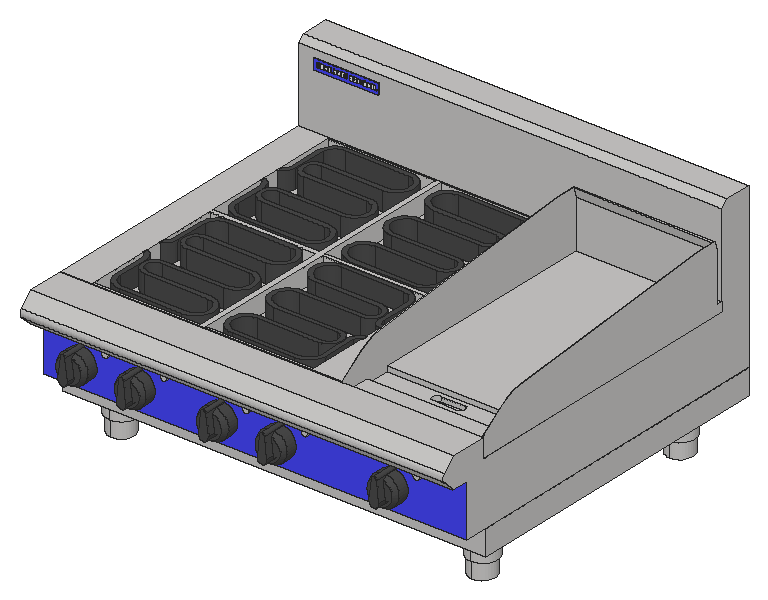
Revit family "QF_MOFFAT_BLUESEAL_CE_E516C-B", category Specialty Equipment, Revit 2012
Parameters
  Width [instance] = 900.0 mm  # constant formula
  Weight in Pounds = 198  # constant formula
  Watts = 13000 W
  Volts = 400 V
  URL Cutsheet = "www.moffat.com"
  URL = "www.moffat.com"
  Type Mark [instance] = ""
  Status [instance] = ""
  Specification by User [instance] = ""
  Specification by Manufacturer = ""
  Show Logo [instance] = yes
  Serial Number = ""
  Seismic Rating = ""
  SMACNA No = ""
  Revision Code [instance] = ""
  Phase = 3
  Omniclass Number and Title = ""
  Number of Poles = 1
  NAFEM Spec ID Number = ""
  Model = "E516C-B"
  Min Ckt Ampacity = 0 A
  Max Overcurrent Protection = 0 A
  Masterspec = ""
  Manufacturer = "MOFFAT BLUESEAL"
  Item Number [instance] = ""
  Installed By [instance] = ""
  Identify Quantity as Lot [instance] = yes
  Height [instance] = 370.0 mm  # constant formula
  HP = ""
  Furnished By [instance] = ""
  Foodservice Equipment Identifier [instance] = yes
  FL Amps = 20 A
  Electrical Remarks = "20A PER PHASE"
  Elec Conn RI Height = 0.0 mm
  Elec Conn Connection Height = 0.0 mm
  Description = "900MM ELECTRIC COOK TOP BENCH MOUNT"
  Depth [instance] = 812.0 mm  # constant formula
  Cycle = 50 Hz
  Conn Plug = ""
  Conn Conduit = yes
  CSI MasterFormat = ""
  CSI Master Format = ""
  Base Height [instance] = 85.0 mm
  Apparent Power = if(Phase = 3, Volts * FL Amps * 1.73, Volts * FL Amps)  # 13840 VA
Reference planes
  plane 1 "BACK": y = 0
  plane 2: z = 0
  plane 3 "LEFT": x = 0
  plane 4 "RIGHT": x = 900
  plane 5 "FRONT": y = -812
  plane 6 "TOP": z = 375
  plane 7 "Center Y": x = 450
  plane 8 "Center X": y = -406
  plane 9 "Base Height": z = 85
  plane 10: z = 485
  plane 11: y = -100
  plane 12: y = -625
  plane 13: x = 834.5
  plane 14: x = 65.5
Forms (mm)
  Extrusion 1, solid, material "QF_Finishes_Stainless Steel"
    sketch origin (0, 0, 0) x (0, 1, 0) y (0, 0, 1)
      loop
        line (0, 140) -> (0, 485) -> (-57.5, 485) -> (-70, 472.5) -> (-70, 275) -> (-705, 275) -> (-705, 315) -> (-783.97, 315) -> (-808.485, 290.485)
        arc (-808.485, 290.485) -> (-811.999, 282) -> (-808.485, 273.515) r 12
        line (-808.485, 273.515) -> (-784.97, 250) -> (-749, 250) -> (-749, 140) -> (0, 140)
      loop
        line (0, 85) -> (0, 139.206) -> (-699, 139.206) -> (-699, 85) -> (0, 85)
    from 0 to 900
  Revolve 2, solid, material "QF_Finishes_Stainless Steel"
    sketch origin (65.5, -210, 0) x (0, 1, 0) y (0, 0, 1)
      loop
        line (78.25, 85) -> (78.25, 35) -> (82.5, 35) -> (82.5, 0) -> (110, 0) -> (110, 85) -> (78.25, 85)
      axis (110, 85) -> (110, 0)
    angle from 0 to 360
  Extrusion 3, void
    sketch origin (0, -706, 139.206) x (0, 1, 0) y (-1, 0, 0)
      loop
        circle (674, -770) r 13.5
    from 0 to -86.704
  Revolve 4, solid, material "QF_Finishes_Black"
    sketch origin (87.5, 7, -6.7) x (0, 1, 0) y (0, 0, -1)
      loop
        line (-789, -234.5) -> (-766, -234.5) -> (-766, -207) -> (-756, -207) -> (-756, -202) -> (-800, -202) -> (-800, -228.651) -> (-789, -234.5)
      axis (-800, -202) -> (-756, -202)
    angle from 0 to 360
  Extrusion 5, solid, material "QF_Finishes_Black"
    sketch origin (225.77, 0, -6.542) x (-1, 0, 0) y (0, 0, -1)
      loop
        line (143.268, -233.955) -> (148.757, -189.87)
        arc (148.757, -189.87) -> (137.685, -179.371) -> (127.85, -191.037) r 10.487
        line (127.85, -191.037) -> (133.271, -233.955)
        arc (133.271, -233.955) -> (138.27, -238.842) -> (143.268, -233.955) r 5
    from 759 to 808
  Revolve 6, solid, material "QF_Finishes_Stainless Steel"
    sketch origin (65.5, -728, 0) x (0, 1, 0) y (0, 0, 1)
      loop
        line (71.25, 85) -> (71.25, 35) -> (75.5, 35) -> (75.5, 0) -> (103, 0) -> (103, 85) -> (71.25, 85)
      axis (103, 85) -> (103, 0)
    angle from 0 to 360
  Extrusion 7, solid, material "QF_Finishes_Stainless Steel"
    sketch origin (0, -706, 139.206) x (0, 1, 0) y (-1, 0, 0)
      loop
        circle (675, -769.75) r 6.35
    from 0 to -24.206
  Extrusion 8, solid, material "QF_Finishes_Stainless Steel"
    sketch origin (0, -749, 250) x (0, 0, -1) y (1, 0, 0)
      loop
        circle (24.7, 132.5) r 7.15
      loop
        circle (24.7, 257.5) r 7.15
      loop
        circle (24.7, 432.5) r 7.15
      loop
        circle (24.7, 557.5) r 7.15
      loop
        circle (24.7, 795.734) r 7.15
    from 0 to 3.2
  Revolve 9, solid, material "QF_Finishes_Stainless Steel"
    sketch origin (834.5, -210, 0) x (0, 1, 0) y (0, 0, -1)
      loop
        line (78.25, -85) -> (110, -85) -> (110, 0) -> (82.5, 0) -> (82.5, -35) -> (78.25, -35) -> (78.25, -85)
      axis (110, -85) -> (110, 0)
    angle from 0 to 360
  Revolve 10, solid, material "QF_Finishes_Stainless Steel"
    sketch origin (834.5, -728, 0) x (0, 1, 0) y (0, 0, -1)
      loop
        line (71.25, -85) -> (103, -85) -> (103, 0) -> (75.5, 0) -> (75.5, -35) -> (71.25, -35) -> (71.25, -85)
      axis (103, -85) -> (103, 0)
    angle from 0 to 360
  Revolve 11, solid, material "QF_Finishes_Black"
    sketch origin (211.766, 7, -6.7) x (0, 1, 0) y (0, 0, -1)
      loop
        line (-789, -234.5) -> (-766, -234.5) -> (-766, -207) -> (-756, -207) -> (-756, -202) -> (-800, -202) -> (-800, -228.651) -> (-789, -234.5)
      axis (-800, -202) -> (-756, -202)
    angle from 0 to 360
  Extrusion 12, solid, material "QF_Finishes_Black"
    sketch origin (350.035, 0, -6.542) x (-1, 0, 0) y (0, 0, -1)
      loop
        line (143.268, -233.955) -> (148.757, -189.87)
        arc (148.757, -189.87) -> (137.685, -179.371) -> (127.85, -191.037) r 10.487
        line (127.85, -191.037) -> (133.271, -233.955)
        arc (133.271, -233.955) -> (138.27, -238.842) -> (143.268, -233.955) r 5
    from 759 to 808
  Revolve 13, solid, material "QF_Finishes_Black"
    sketch origin (386.766, 7, -6.7) x (0, 1, 0) y (0, 0, -1)
      loop
        line (-789, -234.5) -> (-766, -234.5) -> (-766, -207) -> (-756, -207) -> (-756, -202) -> (-800, -202) -> (-800, -228.651) -> (-789, -234.5)
      axis (-800, -202) -> (-756, -202)
    angle from 0 to 360
  Revolve 14, solid, material "QF_Finishes_Black"
    sketch origin (511.766, 7, -6.7) x (0, 1, 0) y (0, 0, -1)
      loop
        line (-789, -234.5) -> (-766, -234.5) -> (-766, -207) -> (-756, -207) -> (-756, -202) -> (-800, -202) -> (-800, -228.651) -> (-789, -234.5)
      axis (-800, -202) -> (-756, -202)
    angle from 0 to 360
  Revolve 15, solid, material "QF_Finishes_Black"
    sketch origin (750, 7, -6.7) x (0, 1, 0) y (0, 0, -1)
      loop
        line (-789, -234.5) -> (-766, -234.5) -> (-766, -207) -> (-756, -207) -> (-756, -202) -> (-800, -202) -> (-800, -228.651) -> (-789, -234.5)
      axis (-800, -202) -> (-756, -202)
    angle from 0 to 360
  Extrusion 16, solid, material "QF_Finishes_Black"
    sketch origin (525.035, 0, -6.542) x (-1, 0, 0) y (0, 0, -1)
      loop
        line (143.268, -233.955) -> (148.757, -189.87)
        arc (148.757, -189.87) -> (137.685, -179.371) -> (127.85, -191.037) r 10.487
        line (127.85, -191.037) -> (133.271, -233.955)
        arc (133.271, -233.955) -> (138.27, -238.842) -> (143.268, -233.955) r 5
    from 759 to 808
  Extrusion 17, solid, material "QF_Finishes_Black"
    sketch origin (650.035, 0, -6.542) x (-1, 0, 0) y (0, 0, -1)
      loop
        line (143.268, -233.955) -> (148.757, -189.87)
        arc (148.757, -189.87) -> (137.685, -179.371) -> (127.85, -191.037) r 10.487
        line (127.85, -191.037) -> (133.271, -233.955)
        arc (133.271, -233.955) -> (138.27, -238.842) -> (143.268, -233.955) r 5
    from 759 to 808
  Extrusion 18, solid, material "QF_Finishes_Black"
    sketch origin (888.27, 0, -6.542) x (-1, 0, 0) y (0, 0, -1)
      loop
        line (143.268, -233.955) -> (148.757, -189.87)
        arc (148.757, -189.87) -> (137.685, -179.371) -> (127.85, -191.037) r 10.487
        line (127.85, -191.037) -> (133.271, -233.955)
        arc (133.271, -233.955) -> (138.27, -238.842) -> (143.268, -233.955) r 5
    from 759 to 808
Cuts and joins
  joined: Revolve 4, Extrusion 5
  Extrusion 3 cuts Extrusion 1
Lines and regions (mm)
  Split face 1
    outline origin (900, 0, 485) x (-1, 0, 0) y (0, -1, 0)
      loop
        arc (856, 18.385) -> (864.66, 23.385) -> (864.66, 33.385) r 10
        line (864.66, 33.385) -> (860.619, 40.385)
        arc (860.619, 40.385) -> (856.959, 44.045) -> (851.959, 45.385) r 10
        line (851.959, 45.385) -> (624, 45.385)
        arc (624, 45.385) -> (615.34, 40.385) -> (615.34, 30.385) r 10
        line (615.34, 30.385) -> (619.381, 23.385)
        arc (619.381, 23.385) -> (623.041, 19.725) -> (628.041, 18.385) r 10
        line (628.041, 18.385) -> (856, 18.385)
  Split face 2
    outline origin (900, 0, 485) x (-1, 0, 0) y (0, -1, 0)
      loop
        arc (276, 18.385) -> (284.66, 23.385) -> (284.66, 33.385) r 10
        line (284.66, 33.385) -> (280.619, 40.385)
        arc (280.619, 40.385) -> (276.959, 44.045) -> (271.959, 45.385) r 10
        line (271.959, 45.385) -> (44, 45.385)
        arc (44, 45.385) -> (35.34, 40.385) -> (35.34, 30.385) r 10
        line (35.34, 30.385) -> (39.381, 23.385)
        arc (39.381, 23.385) -> (43.041, 19.725) -> (48.041, 18.385) r 10
        line (48.041, 18.385) -> (276, 18.385)
  Split face 3
    outline origin (900, 0, 485) x (-1, 0, 0) y (0, -1, 0)
      loop
        arc (566, 18.385) -> (574.66, 23.385) -> (574.66, 33.385) r 10
        line (574.66, 33.385) -> (570.619, 40.385)
        arc (570.619, 40.385) -> (566.959, 44.045) -> (561.959, 45.385) r 10
        line (561.959, 45.385) -> (334, 45.385)
        arc (334, 45.385) -> (325.34, 40.385) -> (325.34, 30.385) r 10
        line (325.34, 30.385) -> (329.381, 23.385)
        arc (329.381, 23.385) -> (333.041, 19.725) -> (338.041, 18.385) r 10
        line (338.041, 18.385) -> (566, 18.385)
  symbolic lines
    curve 1: line (0, -812, 0) -> (900, -812, 0)
    curve 2: line (0, 0, 0) -> (0, -812, 0)
    curve 3: line (900, 0, 0) -> (0, 0, 0)
    curve 4: line (900, -812, 0) -> (900, 0, 0)
    curve 5: line (0, -57.5, 0) -> (900, -57.5, 0)
    curve 6: line (0, -70, 0) -> (900, -70, 0)
    curve 7: line (0, -783.97, 0) -> (900, -783.97, 0)
    curve 8: line (0, -705, 0) -> (900, -705, 0)
    curve 9: line (271.959, -18.385, 0) -> (44, -18.385, 0)
    curve 10: arc (44, -18.385, 0) -> (35.34, -23.385, 0) -> (35.34, -33.385, 0) r 10
    curve 11: line (35.34, -33.385, 0) -> (39.381, -40.385, 0)
    curve 12: arc (39.381, -40.385, 0) -> (43.041, -44.045, 0) -> (48.041, -45.385, 0) r 10
    curve 13: line (48.041, -45.385, 0) -> (276, -45.385, 0)
    curve 14: arc (276, -45.385, 0) -> (284.66, -40.385, 0) -> (284.66, -30.385, 0) r 10
    curve 15: line (284.66, -30.385, 0) -> (280.619, -23.385, 0)
    curve 16: arc (280.619, -23.385, 0) -> (276.959, -19.725, 0) -> (271.959, -18.385, 0) r 10
    curve 17: line (334, -18.385, 0) -> (561.959, -18.385, 0)
    curve 18: arc (561.959, -18.385, 0) -> (566.959, -19.725, 0) -> (570.619, -23.385, 0) r 10
    curve 19: line (570.619, -23.385, 0) -> (574.66, -30.385, 0)
    curve 20: arc (574.66, -30.385, 0) -> (574.66, -40.385, 0) -> (566, -45.385, 0) r 10
    curve 21: line (566, -45.385, 0) -> (338.041, -45.385, 0)
    curve 22: arc (338.041, -45.385, 0) -> (333.041, -44.045, 0) -> (329.381, -40.385, 0) r 10
    curve 23: line (329.381, -40.385, 0) -> (325.34, -33.385, 0)
    curve 24: arc (325.34, -33.385, 0) -> (325.34, -23.385, 0) -> (334, -18.385, 0) r 10
    curve 25: line (624, -18.385, 0) -> (851.959, -18.385, 0)
    curve 26: arc (851.959, -18.385, 0) -> (856.959, -19.725, 0) -> (860.619, -23.385, 0) r 10
    curve 27: line (860.619, -23.385, 0) -> (864.66, -30.385, 0)
    curve 28: arc (864.66, -30.385, 0) -> (864.66, -40.385, 0) -> (856, -45.385, 0) r 10
    curve 29: line (856, -45.385, 0) -> (628.041, -45.385, 0)
    curve 30: arc (628.041, -45.385, 0) -> (623.041, -44.045, 0) -> (619.381, -40.385, 0) r 10
    curve 31: line (619.381, -40.385, 0) -> (615.34, -33.385, 0)
    curve 32: arc (615.34, -33.385, 0) -> (615.34, -23.385, 0) -> (624, -18.385, 0) r 10
Dimensions and locks
  equal spacing: plane 3 "LEFT", plane 7 "Center Y", plane 4 "RIGHT"
  "Width": plane 3 "LEFT" to plane 4 "RIGHT"
  equal spacing: plane 5 "FRONT", plane 8 "Center X", plane 1 "BACK"
  "Depth": plane 5 "FRONT" to plane 1 "BACK"
  "Base Height": plane 9 "Base Height" to level
  locked: plane 6 "TOP" to plane 9 "Base Height" at 290
  plane 6 "TOP" to level = 375.0 mm
  locked: plane 10 to plane 2 at 485
  Extrusion 7 sketch curve to plane 1 "BACK" = 31.0 mm
  cut or joined group of Extrusion 1, Extrusion 3 to plane 2 = 315.0 mm
  aligned and locked: level to plane 2
  aligned and locked: Revolve 2 sketch curve to plane 9 "Base Height"
  aligned and locked: cut or joined group of Extrusion 1, Extrusion 3 to plane 4 "RIGHT"
Automatic sketch dimensions
  curve 1 to plane 3 "LEFT" = 0.0 mm
  curve 4 to plane 4 "RIGHT" = 0.0 mm
  plane 5 "FRONT" to curve 1 = 0.0 mm
  plane 1 "BACK" to curve 3 = 0.0 mm
  curve 11 to plane 14 = 30.16 mm
  curve 11 to curve 12 = 4.041 mm
  curve 10 to curve 9 = 8.66 mm
  curve 11 to curve 12 = 8.66 mm
  plane 1 "BACK" to curve 16 = 28.385 mm
  curve 16 to plane 7 "Center Y" = 178.041 mm
  curve 16 to curve 14 = 4.041 mm  (x2)
  plane 1 "BACK" to curve 15 = 23.385 mm
  curve 9 to curve 15 = 8.66 mm
  plane 1 "BACK" to curve 23 = 33.385 mm
  curve 15 to curve 23 = 40.679 mm
  curve 24 to curve 22 = 4.041 mm  (x2)
  curve 24 to curve 24 = 8.66 mm
  plane 1 "BACK" to curve 18 = 18.385 mm
  plane 7 "Center Y" to curve 18 = 111.959 mm
  curve 18 to curve 21 = 4.041 mm
  curve 17 to curve 18 = 8.66 mm
  plane 1 "BACK" to curve 19 = 30.385 mm
  curve 18 to curve 19 = 4.041 mm
  plane 1 "BACK" to curve 31 = 33.385 mm
  curve 19 to curve 31 = 40.679 mm
  plane 1 "BACK" to curve 31 = 40.385 mm
  curve 31 to curve 31 = 4.041 mm
  curve 32 to curve 32 = 8.66 mm
  curve 31 to curve 30 = 8.66 mm
  plane 13 to curve 26 = 17.459 mm
  curve 26 to curve 29 = 4.041 mm
  curve 25 to curve 27 = 8.66 mm
  curve 26 to curve 27 = 4.041 mm
  curve 7 to plane 5 "FRONT" = 28.03 mm
  curve 7 to curve 8 = 78.97 mm
  plane 11 to curve 6 = 30.0 mm
  curve 6 to curve 5 = 12.5 mm
  curve 21 to curve 24 = 17.0 mm
  plane 1 "BACK" to curve 28 = 45.385 mm
  curve 14 to curve 16 = 17.0 mm
  curve 13 to curve 12 = 5.0 mm
  curve 22 to curve 24 = 7.0 mm
  curve 29 to curve 28 = 10.0 mm
  curve 14 to curve 16 = 7.0 mm
  curve 12 to curve 10 = 7.0 mm
  curve 28 to curve 26 = 7.0 mm
  curve 30 to curve 32 = 7.0 mm
  curve 20 to curve 18 = 7.0 mm
  Extrusion 1 sketch curve to plane 9 "Base Height" = 0.0 mm
  Extrusion 1 sketch curve to plane 10 = 0.0 mm
  Extrusion 1 sketch curve to plane 1 "BACK" = 0.0 mm  (x2)
  plane 11 to Extrusion 1 sketch curve = 42.5 mm
  Extrusion 1 sketch curve to plane 10 = 12.5 mm
  Extrusion 1 sketch curve to Extrusion 1 sketch curve = 12.5 mm
  Extrusion 1 sketch curve to plane 12 = 74.0 mm
  Extrusion 1 sketch curve to plane 12 = 80.0 mm
  Extrusion 1 sketch curve to Extrusion 1 sketch curve = 44.0 mm
  Extrusion 1 sketch curve to plane 5 "FRONT" = 28.03 mm
  Extrusion 1 sketch curve to plane 5 "FRONT" = 27.03 mm
  Extrusion 1 sketch curve to plane 5 "FRONT" = 12.001 mm
  Extrusion 1 sketch curve to plane 5 "FRONT" = 3.515 mm  (x2)
  plane 9 "Base Height" to Extrusion 1 sketch curve = 54.206 mm
  Extrusion 1 sketch curve to Extrusion 1 sketch curve = 0.794 mm
  Extrusion 1 sketch curve to Extrusion 1 sketch curve = 110.0 mm
  Extrusion 1 sketch curve to Extrusion 1 sketch curve = 23.515 mm
  Extrusion 1 sketch curve to Extrusion 1 sketch curve = 25.0 mm
  Extrusion 1 sketch curve to Extrusion 1 sketch curve = 8.485 mm
  Extrusion 1 sketch curve to Extrusion 1 sketch curve = 24.515 mm
  Revolve 2 sketch curve to level = 0.0 mm
  Revolve 2 sketch curve to plane 11 = 0.0 mm  (x2)
  Revolve 2 sketch curve to Revolve 2 sketch curve = 27.5 mm
  Revolve 2 sketch curve to Revolve 2 sketch curve = 31.75 mm
  Revolve 2 sketch curve to Revolve 2 sketch curve = 55.0 mm
  level to Revolve 2 sketch curve = 35.0 mm
  Revolve 2 sketch curve to plane 9 "Base Height" = 30.0 mm
  Extrusion 1 to Extrusion 3 sketch curve = 32.0 mm
  Extrusion 1 to Extrusion 3 sketch curve = 130.0 mm
  Revolve 4 sketch curve to plane 5 "FRONT" = 19.0 mm
  Revolve 4 sketch curve to Revolve 4 sketch curve = 0.0 mm  (x2)
  Revolve 4 sketch curve to Revolve 4 sketch curve = 11.0 mm
  Revolve 4 sketch curve to Revolve 4 sketch curve = 12.7 mm
  Revolve 4 sketch curve to Revolve 4 sketch curve = 23.0 mm
  Revolve 4 sketch curve to Revolve 4 sketch curve = 10.0 mm
  plane 9 "Base Height" to Revolve 4 sketch curve = 142.8 mm
  Revolve 4 sketch curve to Revolve 4 sketch curve = 5.849 mm
  Revolve 4 sketch curve to Revolve 4 sketch curve = 27.5 mm
  Revolve 4 sketch curve to Revolve 4 sketch curve = 5.0 mm
  plane 14 to Extrusion 5 sketch curve = 32.419 mm
  plane 14 to Extrusion 5 sketch curve = 26.999 mm
  Extrusion 5 sketch curve to Extrusion 5 sketch curve = 4.999 mm  (x2)
  Extrusion 5 sketch curve to Extrusion 5 sketch curve = 10.419 mm
  Extrusion 5 sketch curve to Extrusion 5 sketch curve = 10.487 mm
  plane 9 "Base Height" to Extrusion 5 sketch curve = 142.413 mm
  Extrusion 5 sketch curve to Extrusion 5 sketch curve = 0.113 mm
  Extrusion 5 sketch curve to Extrusion 5 sketch curve = 42.919 mm
  Extrusion 5 sketch curve to Extrusion 5 sketch curve = 1.167 mm
  Revolve 6 sketch curve to plane 9 "Base Height" = 0.0 mm
  Revolve 6 sketch curve to level = 0.0 mm
  Revolve 6 sketch curve to plane 12 = 0.0 mm  (x2)
  Revolve 6 sketch curve to Revolve 6 sketch curve = 27.5 mm
  Revolve 6 sketch curve to Revolve 6 sketch curve = 31.75 mm
  Revolve 6 sketch curve to level = 55.0 mm
  Revolve 6 sketch curve to Revolve 6 sketch curve = 35.0 mm
  Revolve 6 sketch curve to Revolve 6 sketch curve = 30.0 mm
  Extrusion 1 to Extrusion 7 sketch curve = 130.25 mm
  Split face 1 sketch curve to cut or joined group of Extrusion 1, Extrusion 3 = 27.115 mm
  Split face 1 sketch curve to cut or joined group of Extrusion 1, Extrusion 3 = 284.66 mm
  Split face 1 sketch curve to Split face 1 sketch curve = 4.041 mm  (x4)
  Split face 1 sketch curve to Split face 1 sketch curve = 8.66 mm  (x2)
  Split face 1 sketch curve to cut or joined group of Extrusion 1, Extrusion 3 = 12.115 mm
  Split face 1 sketch curve to cut or joined group of Extrusion 1, Extrusion 3 = 48.041 mm
  Split face 1 sketch curve to Split face 1 sketch curve = 7.0 mm  (x3)
  Split face 1 sketch curve to Split face 1 sketch curve = 17.0 mm
  Split face 2 sketch curve to cut or joined group of Extrusion 1, Extrusion 3 = 35.34 mm
  Split face 2 sketch curve to Split face 2 sketch curve = 4.041 mm  (x4)
  Split face 2 sketch curve to Split face 2 sketch curve = 8.66 mm  (x2)
  Split face 2 sketch curve to cut or joined group of Extrusion 1, Extrusion 3 = 12.115 mm
  Split face 2 sketch curve to Split face 2 sketch curve = 223.917 mm
  Split face 2 sketch curve to Split face 2 sketch curve = 5.0 mm
  Split face 2 sketch curve to Split face 2 sketch curve = 10.0 mm
  Split face 2 sketch curve to Split face 2 sketch curve = 7.0 mm  (x3)
  Extrusion 1 to Extrusion 8 sketch curve = 24.7 mm  (x5)
  Extrusion 1 to Extrusion 8 sketch curve = 132.5 mm
  Extrusion 8 sketch curve to Extrusion 8 sketch curve = 125.0 mm  (x2)
  Extrusion 8 sketch curve to Extrusion 8 sketch curve = 175.0 mm
  Extrusion 1 to Extrusion 8 sketch curve = 104.266 mm
  Revolve 9 sketch curve to plane 9 "Base Height" = 0.0 mm
  Revolve 9 sketch curve to level = 0.0 mm
  Revolve 9 sketch curve to plane 11 = 0.0 mm  (x2)
  Revolve 9 sketch curve to Revolve 9 sketch curve = 27.5 mm
  Revolve 9 sketch curve to Revolve 9 sketch curve = 31.75 mm
  Revolve 9 sketch curve to plane 9 "Base Height" = 30.0 mm
  Revolve 9 sketch curve to Revolve 9 sketch curve = 20.0 mm
  Revolve 9 sketch curve to level = 55.0 mm
  Revolve 10 sketch curve to plane 9 "Base Height" = 0.0 mm
  Revolve 10 sketch curve to level = 0.0 mm
  Revolve 10 sketch curve to plane 12 = 0.0 mm  (x2)
  Revolve 10 sketch curve to Revolve 10 sketch curve = 27.5 mm
  Revolve 10 sketch curve to Revolve 10 sketch curve = 31.75 mm
  Revolve 10 sketch curve to Revolve 10 sketch curve = 30.0 mm
  Revolve 10 sketch curve to Revolve 10 sketch curve = 20.0 mm
  Revolve 10 sketch curve to level = 55.0 mm
  Revolve 11 sketch curve to plane 5 "FRONT" = 19.0 mm
  Revolve 11 sketch curve to Revolve 11 sketch curve = 0.0 mm  (x2)
  Revolve 11 sketch curve to Revolve 11 sketch curve = 11.0 mm
  Revolve 11 sketch curve to Revolve 11 sketch curve = 12.7 mm
  Revolve 11 sketch curve to Revolve 11 sketch curve = 23.0 mm
  Revolve 11 sketch curve to Revolve 11 sketch curve = 10.0 mm
  plane 9 "Base Height" to Revolve 11 sketch curve = 142.8 mm
  Revolve 11 sketch curve to Revolve 11 sketch curve = 5.849 mm
  Revolve 11 sketch curve to Revolve 11 sketch curve = 27.5 mm
  Revolve 11 sketch curve to Revolve 11 sketch curve = 5.0 mm
  plane 14 to Extrusion 12 sketch curve = 156.685 mm
  Extrusion 12 sketch curve to Extrusion 12 sketch curve = 5.421 mm
  Extrusion 12 sketch curve to Extrusion 12 sketch curve = 4.999 mm  (x2)
  Extrusion 12 sketch curve to Extrusion 12 sketch curve = 10.419 mm
  plane 9 "Base Height" to Extrusion 12 sketch curve = 98.328 mm
  Extrusion 12 sketch curve to Extrusion 12 sketch curve = 10.487 mm
  Extrusion 12 sketch curve to Extrusion 12 sketch curve = 1.167 mm
  Extrusion 12 sketch curve to Extrusion 12 sketch curve = 44.0 mm
  Extrusion 12 sketch curve to Extrusion 12 sketch curve = 0.113 mm
  Revolve 13 sketch curve to plane 5 "FRONT" = 19.0 mm
  Revolve 13 sketch curve to Revolve 13 sketch curve = 0.0 mm  (x2)
  Revolve 13 sketch curve to Revolve 13 sketch curve = 11.0 mm
  Revolve 13 sketch curve to Revolve 13 sketch curve = 12.7 mm
  Revolve 13 sketch curve to Revolve 13 sketch curve = 23.0 mm
  Revolve 13 sketch curve to Revolve 13 sketch curve = 10.0 mm
  plane 9 "Base Height" to Revolve 13 sketch curve = 142.8 mm
  Revolve 13 sketch curve to Revolve 13 sketch curve = 5.849 mm
  Revolve 13 sketch curve to Revolve 13 sketch curve = 27.5 mm
  Revolve 13 sketch curve to Revolve 13 sketch curve = 5.0 mm
  Revolve 14 sketch curve to plane 5 "FRONT" = 19.0 mm
  Revolve 14 sketch curve to Revolve 14 sketch curve = 0.0 mm  (x2)
  Revolve 14 sketch curve to Revolve 14 sketch curve = 11.0 mm
  Revolve 14 sketch curve to Revolve 14 sketch curve = 12.7 mm
  Revolve 14 sketch curve to Revolve 14 sketch curve = 23.0 mm
  Revolve 14 sketch curve to Revolve 14 sketch curve = 10.0 mm
  plane 9 "Base Height" to Revolve 14 sketch curve = 142.8 mm
  Revolve 14 sketch curve to Revolve 14 sketch curve = 5.849 mm
  Revolve 14 sketch curve to Revolve 14 sketch curve = 27.5 mm
  Revolve 14 sketch curve to Revolve 14 sketch curve = 5.0 mm
  Revolve 15 sketch curve to plane 5 "FRONT" = 19.0 mm
  Revolve 15 sketch curve to Revolve 15 sketch curve = 0.0 mm  (x2)
  Revolve 15 sketch curve to Revolve 15 sketch curve = 11.0 mm
  Revolve 15 sketch curve to Revolve 15 sketch curve = 12.7 mm
  Revolve 15 sketch curve to Revolve 15 sketch curve = 23.0 mm
  Revolve 15 sketch curve to Revolve 15 sketch curve = 10.0 mm
  plane 9 "Base Height" to Revolve 15 sketch curve = 142.8 mm
  Revolve 15 sketch curve to Revolve 15 sketch curve = 5.849 mm
  Revolve 15 sketch curve to Revolve 15 sketch curve = 27.5 mm
  Revolve 15 sketch curve to Revolve 15 sketch curve = 5.0 mm
  Split face 3 sketch curve to cut or joined group of Extrusion 1, Extrusion 3 = 27.115 mm
  Split face 3 sketch curve to cut or joined group of Extrusion 1, Extrusion 3 = 325.34 mm
  Split face 3 sketch curve to Split face 3 sketch curve = 4.041 mm  (x4)
  Split face 3 sketch curve to Split face 3 sketch curve = 8.66 mm  (x2)
  Split face 3 sketch curve to cut or joined group of Extrusion 1, Extrusion 3 = 12.115 mm
  Split face 3 sketch curve to Split face 3 sketch curve = 223.917 mm
  Split face 3 sketch curve to Split face 3 sketch curve = 7.0 mm  (x3)
  Split face 3 sketch curve to Split face 3 sketch curve = 17.0 mm
  Extrusion 16 sketch curve to plane 7 "Center Y" = 52.815 mm
  Extrusion 16 sketch curve to Extrusion 16 sketch curve = 5.421 mm
  Extrusion 16 sketch curve to Extrusion 16 sketch curve = 4.999 mm  (x2)
  Extrusion 16 sketch curve to Extrusion 16 sketch curve = 10.419 mm
  Extrusion 16 sketch curve to Extrusion 16 sketch curve = 10.487 mm
  plane 9 "Base Height" to Extrusion 16 sketch curve = 142.413 mm
  Extrusion 16 sketch curve to Extrusion 16 sketch curve = 0.113 mm
  Extrusion 16 sketch curve to Extrusion 16 sketch curve = 42.919 mm
  Extrusion 16 sketch curve to Extrusion 16 sketch curve = 1.167 mm
  plane 7 "Center Y" to Extrusion 17 sketch curve = 72.185 mm
  Extrusion 17 sketch curve to Extrusion 17 sketch curve = 5.421 mm
  Extrusion 17 sketch curve to Extrusion 17 sketch curve = 4.999 mm  (x2)
  Extrusion 17 sketch curve to Extrusion 17 sketch curve = 10.419 mm
  Extrusion 17 sketch curve to Extrusion 17 sketch curve = 10.487 mm
  plane 9 "Base Height" to Extrusion 17 sketch curve = 142.413 mm
  Extrusion 17 sketch curve to Extrusion 17 sketch curve = 0.113 mm
  Extrusion 17 sketch curve to Extrusion 17 sketch curve = 42.919 mm
  Extrusion 17 sketch curve to Extrusion 17 sketch curve = 1.167 mm
  plane 9 "Base Height" to Extrusion 18 sketch curve = 142.413 mm
  Extrusion 18 sketch curve to Extrusion 18 sketch curve = 0.113 mm
  Extrusion 18 sketch curve to Extrusion 18 sketch curve = 42.919 mm
  Extrusion 18 sketch curve to Extrusion 18 sketch curve = 1.167 mm
  Extrusion 18 sketch curve to plane 13 = 74.081 mm
  Extrusion 18 sketch curve to Extrusion 18 sketch curve = 5.421 mm
  Extrusion 18 sketch curve to Extrusion 18 sketch curve = 4.999 mm  (x2)
  Extrusion 18 sketch curve to Extrusion 18 sketch curve = 10.419 mm
  Extrusion 18 sketch curve to Extrusion 18 sketch curve = 10.487 mm
  radius of Extrusion 3 sketch curve = 13.5 mm
  radius of Extrusion 7 sketch curve = 6.35 mm
  radius of Extrusion 8 sketch curve = 7.15 mm  (x5)
Nested families
  nested 1: "WALDORF LOGO_FACE BASE" at (32, -70, 456.885) x (1, 0, 0) z (0, -1, 0), visible <- "Show Logo", type "WALDORF LOGO_FACE BASE", detail levels medium+fine
    with Show Logo yes
  nested 2: "ELECTRIC BURNER 600 & GRIDDLE 300" at (0, -70, 275), type "ELECTRIC BURNER 600 & GRIDDLE 300"
    with Width 900.0 mm, Type Mark "", Status "", Specification by User "", Revision Code "", Item Number "", Installed By "", Identify Quantity as Lot yes, Furnished By "", Foodservice Equipment Identifier yes, Depth 635.0 mm
Connectors
  electrical at (769.75, -31, 115), driven by "Volts", driven by "Watts"
    settings: on Extrusion 7, index 1, voltage 400 V, apparent load 13000 VA, apparent load phase1 0 VA, apparent load phase2 0 VA, apparent load phase3 0 VA, power factor 1, load classification "Other", number of poles 1, system type 30, power factor state 1, is connector primary yes, connector utility no, sub classification motor no, connector description "ELECTRICAL CONNECTION"
Definition of nested family "WALDORF LOGO_FACE BASE"
  Parameters (values of type "WALDORF LOGO_FACE BASE")
    Show Logo [instance] = yes
    Default Elevation = 1219.2 mm
  Reference planes
    plane 1 "Center (Front/Back)": y = 0
    plane 2: z = 0
    plane 3 "Center (Left/Right)": x = 0
  Forms (mm)
    Extrusion 1, solid
      sketch origin (0, 0, 0) x (1, 0, 0) y (0, 1, 0)
        loop
          line (-1219.2, 1219.2) -> (-1219.2, -1219.2) -> (1219.2, -1219.2) -> (1219.2, 1219.2) -> (-1219.2, 1219.2)
      from 0 to -304.8
    Extrusion 2, solid, material "QF_Finishes_Blue", visible <- "Show Logo"
      sketch origin (0, -33.217, 0) x (1, 0, 0) y (0, 1, 0)
        loop
          arc (138, 31.942) -> (137.626, 32.844) -> (136.724, 33.217) r 1.276
          line (136.724, 33.217) -> (1.29, 33.217)
          arc (1.29, 33.217) -> (0.378, 32.839) -> (0, 31.927) r 1.29
          line (0, 31.927) -> (0, 11.507)
          arc (0, 11.507) -> (0.378, 10.595) -> (1.29, 10.217) r 1.29
          line (1.29, 10.217) -> (136.71, 10.217)
          arc (136.71, 10.217) -> (137.622, 10.595) -> (138, 11.507) r 1.29
          line (138, 11.507) -> (138, 31.942)
      from 0 to 1.588
    Extrusion 3, solid, material "QF_Finishes_White", visible <- "Show Logo"
      sketch origin (0, -33.217, 1.588) x (1, 0, 0) y (0, 1, 0)
        loop
          arc (108.946, 25.919) -> (107.613, 25.367) -> (107.061, 24.034) r 1.885
          line (107.061, 24.034) -> (107.061, 17.211) -> (112.704, 17.211) -> (112.704, 19.129) -> (115.546, 19.129) -> (115.546, 17.211) -> (121.584, 17.211) -> (121.584, 24.075)
          arc (121.584, 24.075) -> (121.043, 25.379) -> (119.739, 25.919) r 1.845
          line (119.739, 25.919) -> (108.946, 25.919)
        loop
          line (123.478, 25.919) -> (123.478, 17.163) -> (134.904, 17.163) -> (134.904, 19.129) -> (129.246, 19.129) -> (129.246, 25.919) -> (123.478, 25.919)
        loop
          line (112.704, 21.258) -> (115.546, 21.258) -> (115.546, 22.702)
          arc (115.546, 22.702) -> (115.344, 23.188) -> (114.858, 23.389) r 0.687
          line (114.858, 23.389) -> (113.363, 23.389)
          arc (113.363, 23.389) -> (112.897, 23.196) -> (112.704, 22.73) r 0.658
          line (112.704, 22.73) -> (112.704, 21.258)
        loop
          line (105.071, 25.919) -> (93.771, 25.919) -> (93.771, 17.163) -> (105.071, 17.163) -> (105.071, 19.063) -> (99.535, 19.063) -> (99.535, 20.437) -> (105.071, 20.437) -> (105.071, 22.278) -> (99.535, 22.278) -> (99.535, 23.587) -> (105.071, 23.587) -> (105.071, 25.919)
        loop
          line (91.104, 25.919) -> (79.541, 25.919)
          arc (79.541, 25.919) -> (78.558, 25.513) -> (78.152, 24.53) r 1.389
          line (78.152, 24.53) -> (78.152, 22.08)
          arc (78.152, 22.08) -> (78.558, 21.098) -> (79.541, 20.691) r 1.389
          line (79.541, 20.691) -> (86.346, 20.691) -> (86.346, 18.864) -> (83.266, 18.864) -> (83.266, 19.664) -> (78.152, 19.664) -> (78.152, 18.553)
          arc (78.152, 18.553) -> (78.558, 17.57) -> (79.541, 17.163) r 1.389
          line (79.541, 17.163) -> (91.063, 17.163)
          arc (91.063, 17.163) -> (92.045, 17.57) -> (92.452, 18.553) r 1.389
          line (92.452, 18.553) -> (92.452, 20.691)
          arc (92.452, 20.691) -> (92.045, 21.673) -> (91.063, 22.08) r 1.389
          line (91.063, 22.08) -> (83.266, 22.08) -> (83.266, 23.984) -> (86.346, 23.984) -> (86.346, 22.743) -> (92.452, 22.743) -> (92.452, 24.571)
          arc (92.452, 24.571) -> (92.057, 25.524) -> (91.104, 25.919) r 1.348
        loop
          line (70.705, 25.919) -> (59.405, 25.919) -> (59.405, 17.163) -> (70.705, 17.163) -> (70.705, 19.063) -> (65.169, 19.063) -> (65.169, 20.437) -> (70.705, 20.437) -> (70.705, 22.278) -> (65.169, 22.278) -> (65.169, 23.587) -> (70.705, 23.587) -> (70.705, 25.919)
        loop
          line (57.598, 25.919) -> (51.7, 25.919) -> (51.7, 20.18)
          arc (51.7, 20.18) -> (50.63, 19.11) -> (49.56, 20.18) r 1.07
          line (49.56, 20.18) -> (49.56, 25.919) -> (43.663, 25.919) -> (43.663, 19.049)
          arc (43.663, 19.049) -> (44.215, 17.716) -> (45.548, 17.163) r 1.885
          line (45.548, 17.163) -> (55.71, 17.163)
          arc (55.71, 17.163) -> (57.045, 17.716) -> (57.598, 19.051) r 1.887
          line (57.598, 19.051) -> (57.598, 25.919)
        loop
          line (31.62, 25.919) -> (31.62, 17.163) -> (43.046, 17.163) -> (43.046, 19.129) -> (37.388, 19.129) -> (37.388, 25.919) -> (31.62, 25.919)
        loop
          line (15.969, 25.919) -> (15.969, 17.163) -> (28.693, 17.163)
          arc (28.693, 17.163) -> (29.812, 17.627) -> (30.276, 18.746) r 1.582
          line (30.276, 18.746) -> (30.276, 20.447) -> (29.48, 21.243) -> (30.276, 22.039) -> (30.276, 24.332)
          arc (30.276, 24.332) -> (29.811, 25.454) -> (28.688, 25.919) r 1.587
          line (28.688, 25.919) -> (15.969, 25.919)
        loop
          line (21.449, 24.159) -> (21.449, 22.436) -> (23.862, 22.436)
          arc (23.862, 22.436) -> (24.723, 23.298) -> (23.862, 24.159) r 0.861
          line (23.862, 24.159) -> (21.449, 24.159)
        loop
          line (21.449, 20.244) -> (21.449, 18.522) -> (23.862, 18.522)
          arc (23.862, 18.522) -> (24.723, 19.383) -> (23.862, 20.244) r 0.861
          line (23.862, 20.244) -> (21.449, 20.244)
      from 0 to 0.2
    Extrusion 4, solid, material "QF_Finishes_Blue", visible <- "Show Logo"
      sketch origin (-126.498, -31.09, 1.588) x (1, 0, 0) y (0, 1, 0)
        loop
          line (136.738, 23.522) -> (136.738, 15.1)
          arc (136.738, 15.1) -> (140.756, 19.311) -> (136.738, 23.522) r 4.216
      from 0 to 0.2
    Extrusion 5, solid, material "QF_Finishes_Red", visible <- "Show Logo"
      sketch origin (146.849, -31.09, 1.588) x (-1, 0, 0) y (0, -1, 0)
        loop
          arc (136.738, -23.522) -> (140.756, -19.311) -> (136.738, -15.1) r 4.216
          line (136.738, -15.1) -> (136.738, -23.522)
      from 0 to 0.2
  Lines and regions (mm)
    Split face 1
      outline origin (-90.35, -30.793, 1.588) x (1, 0, 0) y (0, 1, 0)
        loop
          circle (100.54, 19.013) r 4.536
  Dimensions and locks
    aligned and locked: plane 2 to Extrusion 1
    aligned and locked: level to Extrusion 1
Definition of nested family "ELECTRIC BURNER 600 & GRIDDLE 300"
  Parameters (values of type "ELECTRIC BURNER 600 & GRIDDLE 300")
    Width [instance] = 900.0 mm
    Weight in Pounds = 0
    URL Cutsheet = ""
    Type Mark [instance] = ""
    Status [instance] = ""
    Specification by User [instance] = ""
    Specification by Manufacturer = ""
    Serial Number = ""
    Seismic Rating = ""
    SMACNA No = ""
    Revision Code [instance] = ""
    Omniclass Number and Title = ""
    NAFEM Spec ID Number = ""
    Masterspec = ""
    Item Number [instance] = ""
    Installed By [instance] = ""
    Identify Quantity as Lot [instance] = yes
    Furnished By [instance] = ""
    Foodservice Equipment Identifier [instance] = yes
    Depth [instance] = 635.0 mm
    CSI MasterFormat = ""
    CSI Master Format = ""
  Reference planes
    plane 1 "BACK": y = 0
    plane 2: z = 0
    plane 3 "LEFT": x = 0
    plane 4 "RIGHT": x = 900
    plane 5 "FRONT": y = -635
    plane 6 "TOP": z = 142.5
    plane 7 "Center Y": x = 450
    plane 8 "Center X": y = -317.5
    plane 9: x = 65.8
  Forms (mm)
    Extrusion 1, solid, material "QF_Finishes_Stainless Steel"
      sketch origin (0, 1, 0) x (0, -1, 0) y (1, 0, 0)
        loop
          line (1, 0) -> (636, 0) -> (636, 600) -> (1, 600) -> (1, 0)
        loop
          line (631, 65.8) -> (631, 294.362) -> (321.251, 294.362) -> (321.251, 65.8) -> (631, 65.8)
        loop
          line (6, 294.362) -> (6, 65.8) -> (313.651, 65.8) -> (313.651, 294.362) -> (6, 294.362)
        loop
          line (6, 305.638) -> (313.651, 305.638) -> (313.651, 534.388) -> (6, 534.388) -> (6, 305.638)
        loop
          line (631, 534.388) -> (321.251, 534.388) -> (321.251, 305.638) -> (631, 305.638) -> (631, 534.388)
      from 0 to 40
    Extrusion 2, solid, material "QF_Finishes_Black"
      sketch origin (0, 15.7, 0) x (0, -1, 0) y (1, 0, 0)
        loop
          arc (156.993, 65.612) -> (148.172, 80.048) -> (132.304, 85.912) r 25.79
          line (132.304, 85.912) -> (61.096, 85.912)
          arc (61.096, 85.912) -> (42.545, 94.459) -> (35.45, 113.612) r 26.722
          line (35.45, 113.612) -> (35.45, 246.212)
          arc (35.45, 246.212) -> (63.15, 273.912) -> (90.85, 246.212) r 27.7
          line (90.85, 246.212) -> (90.85, 113.769)
          arc (90.85, 113.769) -> (118.55, 86.069) -> (146.25, 113.769) r 27.7
          line (146.25, 113.769) -> (146.25, 246.212)
          arc (146.25, 246.212) -> (173.95, 273.912) -> (201.65, 246.212) r 27.7
          line (201.65, 246.212) -> (201.65, 114.237)
          arc (201.65, 114.237) -> (229.35, 86.537) -> (257.05, 114.237) r 27.7
          line (257.05, 114.237) -> (257.05, 246.212)
          arc (257.05, 246.212) -> (284.75, 273.912) -> (312.45, 246.212) r 27.7
          line (312.45, 246.212) -> (312.45, 113.612)
          arc (312.45, 113.612) -> (305.355, 94.459) -> (286.804, 85.912) r 26.722
          line (286.804, 85.912) -> (215.596, 85.912)
          arc (215.596, 85.912) -> (199.705, 80.037) -> (190.819, 65.612) r 25.973
          line (190.819, 65.612) -> (201.232, 65.612)
          arc (201.232, 65.612) -> (206.91, 72.964) -> (215.719, 75.912) r 15.973
          line (215.719, 75.912) -> (286.986, 75.912)
          arc (286.986, 75.912) -> (312.551, 87.513) -> (322.45, 113.784) r 36.722
          line (322.45, 113.784) -> (322.45, 246.212)
          arc (322.45, 246.212) -> (284.75, 283.912) -> (247.05, 246.212) r 37.7
          line (247.05, 246.212) -> (247.05, 113.612)
          arc (247.05, 113.612) -> (229.35, 95.912) -> (211.65, 113.612) r 17.7
          line (211.65, 113.612) -> (211.65, 246.212)
          arc (211.65, 246.212) -> (173.95, 283.912) -> (136.25, 246.212) r 37.7
          line (136.25, 246.212) -> (136.25, 113.612)
          arc (136.25, 113.612) -> (118.55, 95.912) -> (100.85, 113.612) r 17.7
          line (100.85, 113.612) -> (100.85, 246.212)
          arc (100.85, 246.212) -> (63.15, 283.912) -> (25.45, 246.212) r 37.7
          line (25.45, 246.212) -> (25.45, 113.784)
          arc (25.45, 113.784) -> (35.349, 87.513) -> (60.914, 75.912) r 36.722
          line (60.914, 75.912) -> (132.193, 75.912)
          arc (132.193, 75.912) -> (140.976, 72.972) -> (146.6, 65.612) r 15.79
          line (146.6, 65.612) -> (156.993, 65.612)
        loop
          arc (469.581, 65.612) -> (460.695, 80.037) -> (444.804, 85.912) r 25.973
          line (444.804, 85.912) -> (373.596, 85.912)
          arc (373.596, 85.912) -> (355.045, 94.459) -> (347.95, 113.612) r 26.722
          line (347.95, 113.612) -> (347.95, 246.212)
          arc (347.95, 246.212) -> (375.65, 273.912) -> (403.35, 246.212) r 27.7
          line (403.35, 246.212) -> (403.35, 114.862)
          arc (403.35, 114.862) -> (431.05, 87.162) -> (458.75, 114.862) r 27.7
          line (458.75, 114.862) -> (458.75, 246.212)
          arc (458.75, 246.212) -> (486.45, 273.912) -> (514.15, 246.212) r 27.7
          line (514.15, 246.212) -> (514.15, 114.862)
          arc (514.15, 114.862) -> (541.85, 87.162) -> (569.55, 114.862) r 27.7
          line (569.55, 114.862) -> (569.55, 246.212)
          arc (569.55, 246.212) -> (597.25, 273.912) -> (624.95, 246.212) r 27.7
          line (624.95, 246.212) -> (624.95, 113.612)
          arc (624.95, 113.612) -> (617.855, 94.459) -> (599.304, 85.912) r 26.722
          line (599.304, 85.912) -> (528.096, 85.912)
          arc (528.096, 85.912) -> (511.987, 79.848) -> (503.282, 65) r 25.79
          line (503.282, 65) -> (513.588, 65)
          arc (513.588, 65) -> (519.162, 72.781) -> (528.207, 75.912) r 15.79
          line (528.207, 75.912) -> (599.486, 75.912)
          arc (599.486, 75.912) -> (625.051, 87.513) -> (634.95, 113.784) r 36.722
          line (634.95, 113.784) -> (634.95, 246.212)
          arc (634.95, 246.212) -> (597.25, 283.912) -> (559.55, 246.212) r 37.7
          line (559.55, 246.212) -> (559.55, 113.612)
          arc (559.55, 113.612) -> (541.85, 95.912) -> (524.15, 113.612) r 17.7
          line (524.15, 113.612) -> (524.15, 246.212)
          arc (524.15, 246.212) -> (486.45, 283.912) -> (448.75, 246.212) r 37.7
          line (448.75, 246.212) -> (448.75, 113.612)
          arc (448.75, 113.612) -> (431.05, 95.912) -> (413.35, 113.612) r 17.7
          line (413.35, 113.612) -> (413.35, 246.212)
          arc (413.35, 246.212) -> (375.65, 283.912) -> (337.95, 246.212) r 37.7
          line (337.95, 246.212) -> (337.95, 113.784)
          arc (337.95, 113.784) -> (347.849, 87.513) -> (373.414, 75.912) r 36.722
          line (373.414, 75.912) -> (444.681, 75.912)
          arc (444.681, 75.912) -> (453.49, 72.964) -> (459.168, 65.612) r 15.973
          line (459.168, 65.612) -> (469.581, 65.612)
        loop
          line (156.993, 534.388) -> (146.6, 534.388)
          arc (146.6, 534.388) -> (140.976, 527.028) -> (132.193, 524.088) r 15.79
          line (132.193, 524.088) -> (60.914, 524.088)
          arc (60.914, 524.088) -> (35.349, 512.487) -> (25.45, 486.216) r 36.722
          line (25.45, 486.216) -> (25.45, 353.788)
          arc (25.45, 353.788) -> (63.15, 316.088) -> (100.85, 353.788) r 37.7
          line (100.85, 353.788) -> (100.85, 486.388)
          arc (100.85, 486.388) -> (118.55, 504.088) -> (136.25, 486.388) r 17.7
          line (136.25, 486.388) -> (136.25, 353.788)
          arc (136.25, 353.788) -> (173.95, 316.088) -> (211.65, 353.788) r 37.7
          line (211.65, 353.788) -> (211.65, 486.388)
          arc (211.65, 486.388) -> (229.35, 504.088) -> (247.05, 486.388) r 17.7
          line (247.05, 486.388) -> (247.05, 353.788)
          arc (247.05, 353.788) -> (284.75, 316.088) -> (322.45, 353.788) r 37.7
          line (322.45, 353.788) -> (322.45, 486.216)
          arc (322.45, 486.216) -> (312.551, 512.487) -> (286.986, 524.088) r 36.722
          line (286.986, 524.088) -> (215.719, 524.088)
          arc (215.719, 524.088) -> (206.91, 527.036) -> (201.232, 534.388) r 15.973
          line (201.232, 534.388) -> (190.819, 534.388)
          arc (190.819, 534.388) -> (199.705, 519.963) -> (215.596, 514.088) r 25.973
          line (215.596, 514.088) -> (286.804, 514.088)
          arc (286.804, 514.088) -> (305.355, 505.541) -> (312.45, 486.388) r 26.722
          line (312.45, 486.388) -> (312.45, 353.788)
          arc (312.45, 353.788) -> (284.75, 326.088) -> (257.05, 353.788) r 27.7
          line (257.05, 353.788) -> (257.05, 485.763)
          arc (257.05, 485.763) -> (229.35, 513.463) -> (201.65, 485.763) r 27.7
          line (201.65, 485.763) -> (201.65, 353.788)
          arc (201.65, 353.788) -> (173.95, 326.088) -> (146.25, 353.788) r 27.7
          line (146.25, 353.788) -> (146.25, 486.231)
          arc (146.25, 486.231) -> (118.55, 513.931) -> (90.85, 486.231) r 27.7
          line (90.85, 486.231) -> (90.85, 353.788)
          arc (90.85, 353.788) -> (63.15, 326.088) -> (35.45, 353.788) r 27.7
          line (35.45, 353.788) -> (35.45, 486.388)
          arc (35.45, 486.388) -> (42.545, 505.541) -> (61.096, 514.088) r 26.722
          line (61.096, 514.088) -> (132.304, 514.088)
          arc (132.304, 514.088) -> (148.172, 519.952) -> (156.993, 534.388) r 25.79
        loop
          line (469.581, 534.388) -> (459.168, 534.388)
          arc (459.168, 534.388) -> (453.49, 527.036) -> (444.681, 524.088) r 15.973
          line (444.681, 524.088) -> (373.414, 524.088)
          arc (373.414, 524.088) -> (347.849, 512.487) -> (337.95, 486.216) r 36.722
          line (337.95, 486.216) -> (337.95, 353.788)
          arc (337.95, 353.788) -> (375.65, 316.088) -> (413.35, 353.788) r 37.7
          line (413.35, 353.788) -> (413.35, 486.388)
          arc (413.35, 486.388) -> (431.05, 504.088) -> (448.75, 486.388) r 17.7
          line (448.75, 486.388) -> (448.75, 353.788)
          arc (448.75, 353.788) -> (486.45, 316.088) -> (524.15, 353.788) r 37.7
          line (524.15, 353.788) -> (524.15, 486.388)
          arc (524.15, 486.388) -> (541.85, 504.088) -> (559.55, 486.388) r 17.7
          line (559.55, 486.388) -> (559.55, 353.788)
          arc (559.55, 353.788) -> (597.25, 316.088) -> (634.95, 353.788) r 37.7
          line (634.95, 353.788) -> (634.95, 486.216)
          arc (634.95, 486.216) -> (625.051, 512.487) -> (599.486, 524.088) r 36.722
          line (599.486, 524.088) -> (528.207, 524.088)
          arc (528.207, 524.088) -> (519.162, 527.219) -> (513.588, 535) r 15.79
          line (513.588, 535) -> (503.282, 535)
          arc (503.282, 535) -> (511.987, 520.152) -> (528.096, 514.088) r 25.79
          line (528.096, 514.088) -> (599.304, 514.088)
          arc (599.304, 514.088) -> (617.855, 505.541) -> (624.95, 486.388) r 26.722
          line (624.95, 486.388) -> (624.95, 353.788)
          arc (624.95, 353.788) -> (597.25, 326.088) -> (569.55, 353.788) r 27.7
          line (569.55, 353.788) -> (569.55, 485.138)
          arc (569.55, 485.138) -> (541.85, 512.838) -> (514.15, 485.138) r 27.7
          line (514.15, 485.138) -> (514.15, 353.788)
          arc (514.15, 353.788) -> (486.45, 326.088) -> (458.75, 353.788) r 27.7
          line (458.75, 353.788) -> (458.75, 485.138)
          arc (458.75, 485.138) -> (431.05, 512.838) -> (403.35, 485.138) r 27.7
          line (403.35, 485.138) -> (403.35, 353.788)
          arc (403.35, 353.788) -> (375.65, 326.088) -> (347.95, 353.788) r 27.7
          line (347.95, 353.788) -> (347.95, 486.388)
          arc (347.95, 486.388) -> (355.045, 505.541) -> (373.596, 514.088) r 26.722
          line (373.596, 514.088) -> (444.804, 514.088)
          arc (444.804, 514.088) -> (460.695, 519.963) -> (469.581, 534.388) r 25.973
      from 0 to 40
  Lines and regions (mm)
    symbolic lines
      curve 1: line (0, -635, 0) -> (600, -635, 0)
      curve 2: line (0, -635, 0) -> (65.8, -635, 0)
      curve 3: line (65.8, -635, 0) -> (65.8, -320.251, 0)
      curve 4: line (65.8, -320.251, 0) -> (294.362, -320.251, 0)
      curve 5: line (294.362, -634.701, 0) -> (305.638, -634.701, 0)
      curve 6: line (305.638, -320.251, 0) -> (534.388, -320.251, 0)
      curve 7: line (534.388, -320.251, 0) -> (534.388, -635, 0)
      curve 8: line (534.388, -635, 0) -> (600, -635, 0)
      curve 9: line (353.788, -19.75, 0) -> (486.388, -19.75, 0)
      curve 10: arc (486.388, -19.75, 0) -> (505.541, -26.845, 0) -> (514.088, -45.396, 0) r 26.722
      curve 11: line (514.088, -45.396, 0) -> (514.088, -116.604, 0)
      curve 12: arc (514.088, -116.604, 0) -> (519.952, -132.472, 0) -> (534.388, -141.293, 0) r 25.79
      curve 13: line (534.388, -141.293, 0) -> (534.388, -130.9, 0)
      curve 14: arc (534.388, -130.9, 0) -> (527.028, -125.276, 0) -> (524.088, -116.493, 0) r 15.79
      curve 15: line (524.088, -116.493, 0) -> (524.088, -45.214, 0)
      curve 16: arc (524.088, -45.214, 0) -> (512.487, -19.649, 0) -> (486.216, -9.75, 0) r 36.722
      curve 17: line (486.216, -9.75, 0) -> (353.788, -9.75, 0)
      curve 18: arc (353.788, -9.75, 0) -> (316.088, -47.45, 0) -> (353.788, -85.15, 0) r 37.7
      curve 19: line (353.788, -85.15, 0) -> (486.388, -85.15, 0)
      curve 20: arc (486.388, -85.15, 0) -> (504.088, -102.85, 0) -> (486.388, -120.55, 0) r 17.7
      curve 21: line (486.388, -120.55, 0) -> (353.788, -120.55, 0)
      curve 22: arc (353.788, -120.55, 0) -> (316.088, -158.25, 0) -> (353.788, -195.95, 0) r 37.7
      curve 23: line (353.788, -195.95, 0) -> (486.388, -195.95, 0)
      curve 24: arc (486.388, -195.95, 0) -> (504.088, -213.65, 0) -> (486.388, -231.35, 0) r 17.7
      curve 25: line (486.388, -231.35, 0) -> (353.788, -231.35, 0)
      curve 26: arc (353.788, -231.35, 0) -> (316.088, -269.05, 0) -> (353.788, -306.75, 0) r 37.7
      curve 27: line (353.788, -306.75, 0) -> (486.216, -306.75, 0)
      curve 28: arc (486.216, -306.75, 0) -> (512.487, -296.851, 0) -> (524.088, -271.286, 0) r 36.722
      curve 29: line (524.088, -271.286, 0) -> (524.088, -200.019, 0)
      curve 30: arc (524.088, -200.019, 0) -> (527.036, -191.21, 0) -> (534.388, -185.532, 0) r 15.973
      curve 31: line (534.388, -185.532, 0) -> (534.388, -175.119, 0)
      curve 32: arc (534.388, -175.119, 0) -> (519.963, -184.005, 0) -> (514.088, -199.896, 0) r 25.973
      curve 33: line (514.088, -199.896, 0) -> (514.088, -271.104, 0)
      curve 34: arc (514.088, -271.104, 0) -> (505.541, -289.655, 0) -> (486.388, -296.75, 0) r 26.722
      curve 35: line (486.388, -296.75, 0) -> (353.788, -296.75, 0)
      curve 36: arc (353.788, -296.75, 0) -> (326.088, -269.05, 0) -> (353.788, -241.35, 0) r 27.7
      curve 37: line (353.788, -241.35, 0) -> (485.763, -241.35, 0)
      curve 38: arc (485.763, -241.35, 0) -> (513.463, -213.65, 0) -> (485.763, -185.95, 0) r 27.7
      curve 39: line (485.763, -185.95, 0) -> (353.788, -185.95, 0)
      curve 40: arc (353.788, -185.95, 0) -> (326.088, -158.25, 0) -> (353.788, -130.55, 0) r 27.7
      curve 41: line (353.788, -130.55, 0) -> (486.231, -130.55, 0)
      curve 42: arc (486.231, -130.55, 0) -> (513.931, -102.85, 0) -> (486.231, -75.15, 0) r 27.7
      curve 43: line (486.231, -75.15, 0) -> (353.788, -75.15, 0)
      curve 44: arc (353.788, -75.15, 0) -> (326.088, -47.45, 0) -> (353.788, -19.75, 0) r 27.7
      curve 45: line (113.612, -19.75, 0) -> (246.212, -19.75, 0)
      curve 46: arc (246.212, -19.75, 0) -> (273.912, -47.45, 0) -> (246.212, -75.15, 0) r 27.7
      curve 47: line (246.212, -75.15, 0) -> (113.769, -75.15, 0)
      curve 48: arc (113.769, -75.15, 0) -> (86.069, -102.85, 0) -> (113.769, -130.55, 0) r 27.7
      curve 49: line (113.769, -130.55, 0) -> (246.212, -130.55, 0)
      curve 50: arc (246.212, -130.55, 0) -> (273.912, -158.25, 0) -> (246.212, -185.95, 0) r 27.7
      curve 51: line (246.212, -185.95, 0) -> (114.237, -185.95, 0)
      curve 52: arc (114.237, -185.95, 0) -> (86.537, -213.65, 0) -> (114.237, -241.35, 0) r 27.7
      curve 53: line (114.237, -241.35, 0) -> (246.212, -241.35, 0)
      curve 54: arc (246.212, -241.35, 0) -> (273.912, -269.05, 0) -> (246.212, -296.75, 0) r 27.7
      curve 55: line (246.212, -296.75, 0) -> (113.612, -296.75, 0)
      curve 56: arc (113.612, -296.75, 0) -> (94.459, -289.655, 0) -> (85.912, -271.104, 0) r 26.722
      curve 57: line (85.912, -271.104, 0) -> (85.912, -199.896, 0)
      curve 58: arc (85.912, -199.896, 0) -> (80.037, -184.005, 0) -> (65.612, -175.119, 0) r 25.973
      curve 59: line (65.612, -175.119, 0) -> (65.612, -185.532, 0)
      curve 60: arc (65.612, -185.532, 0) -> (72.964, -191.21, 0) -> (75.912, -200.019, 0) r 15.973
      curve 61: line (75.912, -200.019, 0) -> (75.912, -271.286, 0)
      curve 62: arc (75.912, -271.286, 0) -> (87.513, -296.851, 0) -> (113.784, -306.75, 0) r 36.722
      curve 63: line (113.784, -306.75, 0) -> (246.212, -306.75, 0)
      curve 64: arc (246.212, -306.75, 0) -> (283.912, -269.05, 0) -> (246.212, -231.35, 0) r 37.7
      curve 65: line (246.212, -231.35, 0) -> (113.612, -231.35, 0)
      curve 66: arc (113.612, -231.35, 0) -> (95.912, -213.65, 0) -> (113.612, -195.95, 0) r 17.7
      curve 67: line (113.612, -195.95, 0) -> (246.212, -195.95, 0)
      curve 68: arc (246.212, -195.95, 0) -> (283.912, -158.25, 0) -> (246.212, -120.55, 0) r 37.7
      curve 69: line (246.212, -120.55, 0) -> (113.612, -120.55, 0)
      curve 70: arc (113.612, -120.55, 0) -> (95.912, -102.85, 0) -> (113.612, -85.15, 0) r 17.7
      curve 71: line (113.612, -85.15, 0) -> (246.212, -85.15, 0)
      curve 72: arc (246.212, -85.15, 0) -> (283.912, -47.45, 0) -> (246.212, -9.75, 0) r 37.7
      curve 73: line (246.212, -9.75, 0) -> (113.784, -9.75, 0)
      curve 74: arc (113.784, -9.75, 0) -> (87.513, -19.649, 0) -> (75.912, -45.214, 0) r 36.722
      curve 75: line (75.912, -45.214, 0) -> (75.912, -116.493, 0)
      curve 76: arc (75.912, -116.493, 0) -> (72.972, -125.276, 0) -> (65.612, -130.9, 0) r 15.79
      curve 77: line (65.612, -130.9, 0) -> (65.612, -141.293, 0)
      curve 78: arc (65.612, -141.293, 0) -> (80.048, -132.472, 0) -> (85.912, -116.604, 0) r 25.79
      curve 79: line (85.912, -116.604, 0) -> (85.912, -45.396, 0)
      curve 80: arc (85.912, -45.396, 0) -> (94.459, -26.845, 0) -> (113.612, -19.75, 0) r 26.722
      curve 81: line (246.212, -387.65, 0) -> (114.862, -387.65, 0)
      curve 82: arc (114.862, -387.65, 0) -> (87.162, -415.35, 0) -> (114.862, -443.05, 0) r 27.7
      curve 83: line (114.862, -443.05, 0) -> (246.212, -443.05, 0)
      curve 84: arc (246.212, -443.05, 0) -> (273.912, -470.75, 0) -> (246.212, -498.45, 0) r 27.7
      curve 85: line (246.212, -498.45, 0) -> (114.862, -498.45, 0)
      curve 86: arc (114.862, -498.45, 0) -> (87.162, -526.15, 0) -> (114.862, -553.85, 0) r 27.7
      curve 87: line (114.862, -553.85, 0) -> (246.212, -553.85, 0)
      curve 88: arc (246.212, -553.85, 0) -> (273.912, -581.55, 0) -> (246.212, -609.25, 0) r 27.7
      curve 89: line (246.212, -609.25, 0) -> (113.612, -609.25, 0)
      curve 90: arc (113.612, -609.25, 0) -> (94.459, -602.155, 0) -> (85.912, -583.604, 0) r 26.722
      curve 91: line (85.912, -583.604, 0) -> (85.912, -512.396, 0)
      curve 92: arc (85.912, -512.396, 0) -> (79.848, -496.287, 0) -> (65, -487.582, 0) r 25.79
      curve 93: line (65, -487.582, 0) -> (65, -497.888, 0)
      curve 94: arc (65, -497.888, 0) -> (72.781, -503.462, 0) -> (75.912, -512.507, 0) r 15.79
      curve 95: line (75.912, -512.507, 0) -> (75.912, -583.786, 0)
      curve 96: arc (75.912, -583.786, 0) -> (87.513, -609.351, 0) -> (113.784, -619.25, 0) r 36.722
      curve 97: line (113.784, -619.25, 0) -> (246.212, -619.25, 0)
      curve 98: arc (246.212, -619.25, 0) -> (283.912, -581.55, 0) -> (246.212, -543.85, 0) r 37.7
      curve 99: line (246.212, -543.85, 0) -> (113.612, -543.85, 0)
      curve 100: arc (113.612, -543.85, 0) -> (95.912, -526.15, 0) -> (113.612, -508.45, 0) r 17.7
      curve 101: line (113.612, -508.45, 0) -> (246.212, -508.45, 0)
      curve 102: arc (246.212, -508.45, 0) -> (283.912, -470.75, 0) -> (246.212, -433.05, 0) r 37.7
      curve 103: line (246.212, -433.05, 0) -> (113.612, -433.05, 0)
      curve 104: arc (113.612, -433.05, 0) -> (95.912, -415.35, 0) -> (113.612, -397.65, 0) r 17.7
      curve 105: line (113.612, -397.65, 0) -> (246.212, -397.65, 0)
      curve 106: arc (246.212, -397.65, 0) -> (283.912, -359.95, 0) -> (246.212, -322.25, 0) r 37.7
      curve 107: line (246.212, -322.25, 0) -> (113.784, -322.25, 0)
      curve 108: arc (113.784, -322.25, 0) -> (87.513, -332.149, 0) -> (75.912, -357.714, 0) r 36.722
      curve 109: line (75.912, -357.714, 0) -> (75.912, -428.981, 0)
      curve 110: arc (75.912, -428.981, 0) -> (72.964, -437.79, 0) -> (65.612, -443.468, 0) r 15.973
      curve 111: line (65.612, -443.468, 0) -> (65.612, -453.881, 0)
      curve 112: arc (65.612, -453.881, 0) -> (80.037, -444.995, 0) -> (85.912, -429.104, 0) r 25.973
      curve 113: line (85.912, -429.104, 0) -> (85.912, -357.896, 0)
      curve 114: arc (85.912, -357.896, 0) -> (94.459, -339.345, 0) -> (113.612, -332.25, 0) r 26.722
      curve 115: line (113.612, -332.25, 0) -> (246.212, -332.25, 0)
      curve 116: arc (246.212, -332.25, 0) -> (273.912, -359.95, 0) -> (246.212, -387.65, 0) r 27.7
      curve 117: line (353.788, -397.65, 0) -> (486.388, -397.65, 0)
      curve 118: arc (486.388, -397.65, 0) -> (504.088, -415.35, 0) -> (486.388, -433.05, 0) r 17.7
      curve 119: line (486.388, -433.05, 0) -> (353.788, -433.05, 0)
      curve 120: arc (353.788, -433.05, 0) -> (316.088, -470.75, 0) -> (353.788, -508.45, 0) r 37.7
      curve 121: line (353.788, -508.45, 0) -> (486.388, -508.45, 0)
      curve 122: arc (486.388, -508.45, 0) -> (504.088, -526.15, 0) -> (486.388, -543.85, 0) r 17.7
      curve 123: line (486.388, -543.85, 0) -> (353.788, -543.85, 0)
      curve 124: arc (353.788, -543.85, 0) -> (316.088, -581.55, 0) -> (353.788, -619.25, 0) r 37.7
      curve 125: line (353.788, -619.25, 0) -> (486.216, -619.25, 0)
      curve 126: arc (486.216, -619.25, 0) -> (512.487, -609.351, 0) -> (524.088, -583.786, 0) r 36.722
      curve 127: line (524.088, -583.786, 0) -> (524.088, -512.507, 0)
      curve 128: arc (524.088, -512.507, 0) -> (527.219, -503.462, 0) -> (535, -497.888, 0) r 15.79
      curve 129: line (535, -497.888, 0) -> (535, -487.582, 0)
      curve 130: arc (535, -487.582, 0) -> (520.152, -496.287, 0) -> (514.088, -512.396, 0) r 25.79
      curve 131: line (514.088, -512.396, 0) -> (514.088, -583.604, 0)
      curve 132: arc (514.088, -583.604, 0) -> (505.541, -602.155, 0) -> (486.388, -609.25, 0) r 26.722
      curve 133: line (486.388, -609.25, 0) -> (353.788, -609.25, 0)
      curve 134: arc (353.788, -609.25, 0) -> (326.088, -581.55, 0) -> (353.788, -553.85, 0) r 27.7
      curve 135: line (353.788, -553.85, 0) -> (485.138, -553.85, 0)
      curve 136: arc (485.138, -553.85, 0) -> (512.838, -526.15, 0) -> (485.138, -498.45, 0) r 27.7
      curve 137: line (485.138, -498.45, 0) -> (353.788, -498.45, 0)
